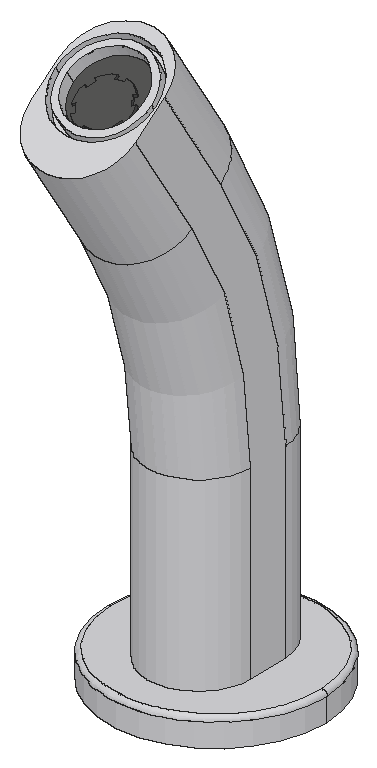
Revit family "Faucet_Touchless-Lavatory-KOHLER-Oblo-K-124B16", category Plumbing Fixtures, host Face, Revit 2017
Family settings
  Host = Face
  Round Connector Dimension = Use Diameter
  Part Type = Normal
  OmniClass Number = 23.31.11.00
  OmniClass Title = Faucets
  Cut with Voids When Loaded = No
  Shared = No
  Room Calculation Point = No
Parameters (values of type "CP-Polished Chrome")
  Width = 2 5/16"  # constant formula
  WaterSense Certified = 1 = 0  # no
  Waste Water Outlet = "Waste Water Outlet"  # constant formula
  Waste Connection = 1 = 0  # no
  Vent Connection = 1 = 0  # no
  URL = "https://www.us.kohler.com/us/"
  Tempered Water Inlet = "Tempered Water Inlet"  # constant formula
  Spout Reach = Length  # 6 1/8"
  Product Page URL = "http://www.us.kohler.com/us/catalog/productDetails.jsp?productNumber=124B16-SANA"
  Product Name = "Oblo"  # constant formula
  Product Documentation Link = "https://www.us.kohler.com/webassets/kpna/catalog/pdf/en/K-124B16-SANA_spec.pdf"
  Pressure = 60.00 psi  # constant formula
  Model = "K-124B16-SANA-CP"  # constant formula
  Material = "Brass Spout"  # constant formula
  MasterFormat 2004 = "22.41.39"  # constant formula
  MasterFormat 1995 = "15410"  # constant formula
  Manufacturer Address = "444 Highland Dr, Kohler, WI 53044"  # constant formula
  Manufacturer = "KOHLER Co."  # constant formula
  Length = 6 1/8"  # constant formula
  Hot Water Inlet = "Hot Water Inlet"  # constant formula
  Height = 2 5/16"  # constant formula
  HW Connection = 1 = 1  # yes
  Flow Rate = 0.5 GPM  # constant formula
  Finish = Kohler-Metal-CP-Polished_Chrome
  Environmental Product Declaration = ""
  Drain Included = 1 = 1  # yes
  Description = " Wall-mount touchless faucet with Kinesis sensor technology, DC-powered"  # constant formula
  Default Elevation = 36"
  Declare Label = ""
  Date Modified = "01/09/2020"  # constant formula
  Date Created = "01/09/2020"  # constant formula
  Copyright = "Copyright KOHLER Co."  # constant formula
  Contact Us = "https://www.us.kohler.com/us/static/contact.jsp"
  Cold Water Inlet = "Cold Water Inlet"  # constant formula
  CW Connection = 1 = 0  # no
  Assembly Code = "D2010"
  ADA Compliant = 1 = 1  # yes
Reference planes (in)
  plane 1 "Center (Front/Back)": y = 0
  plane 2: z = 0
  plane 3 "Center (Left/Right)": x = 0
  plane 4: x = -1.15625
  plane 5: y = 1.15625
  plane 6: x = 1.15625
  plane 7: y = -1.15625
  plane 8: y = -1.5625
  plane 9: z = 6.125
  plane 10: z = 0.29528
  plane 11: x = -0.55395
  plane 12: x = 0.54842
Dimensions and locks (in)
  "Width": plane 4 to plane 6
  "Height": plane 7 to plane 5
  "Length": plane 9 to plane 2
  plane 1 "Center (Front/Back)" to plane 8 = 1 9/16"
  aligned and locked: plane 2 to host face
  aligned and locked: level to host face
Automatic sketch dimensions
  host sketch curve to host sketch curve = 96"  (x2)
Nested families (in)
  nested 1: "K-124B16" at (0, 0, 0), type "K-124B16"
Connectors (in)
  piping at (0, 0, 0), diameter 0.375, driven by "Flow Rate", driven by "Pressure", driven by "HW Connection", driven by "Tempered Water Inlet"
    settings: on nested 1, index 1, connector inside diameter 24", connector length 0", flow factor 0, pipe flow 0.5 GPM, pressure drop 60.00 psi, fitting loss kfactor 0, connector angle 0.00°, fixture units 0, engagement length 0", angle of deflection 0.00°, flow configuration 1, flow direction 1, fitting loss method 4, system type 19, joint type 0, gender type 0, connector reference index -1, connector utility 1, adjustable connector no, is connector primary yes, connector description "Tempered Water Inlet"
Definition of nested family "K-124B16"
  Parameters (values of type "K-124B16")
    Material = none
  Reference planes (in)
    plane 1 "Center (Front/Back)": y = 0
    plane 2: z = 0
    plane 3 "Center (Left/Right)": x = 0
    plane 4: y = 1.15625
    plane 5: y = -1.15625
    plane 6: x = 1.15625
    plane 7: x = -1.15625
    plane 8: z = 6.125
    plane 9: y = -1.5625
  Forms (in)
    Sweep 1, solid, material <- "Material", detail levels medium+fine
      path origin (0, 0, 0) x (0, 1, 0) y (0, 0, 1)
        loop
          line (-0.77872, 0.29528) -> (-0.77872, 2.27834)
          arc (-0.77872, 2.27834) -> (-0.95217, 3.46828) -> (-1.4581, 4.55918) r 4.16835
          line (-1.4581, 4.55918) -> (-2.19355, 5.68419)
      profile origin (0, -0.77872, 1.28681) x (0, -1, 0) y (1, 0, 0)
        loop
          spline (-0.5473, -0.55395) -> (-0.40566, -0.53516) -> (-0.27367, -0.48008) -> (-0.16033, -0.39247) -> (-0.07337, -0.27829) -> (-0.01872, -0.14532) -> (-0.0001, -0.00264) -> (-0.01878, 0.14003) -> (-0.07349, 0.27297) -> (-0.1605, 0.38711) -> (-0.27388, 0.47467) -> (-0.40589, 0.52969) -> (-0.54754, 0.54842)
          line (-0.54754, 0.54842) -> (-1.00006, 0.54842)
          spline (-1.00006, 0.54842) -> (-1.14168, 0.52963) -> (-1.27365, 0.47457) -> (-1.38698, 0.38698) -> (-1.47394, 0.27282) -> (-1.52861, 0.13989) -> (-1.54725, -0.00277) -> (-1.52861, -0.14542) -> (-1.47394, -0.27836) -> (-1.38698, -0.39251) -> (-1.27365, -0.4801) -> (-1.14168, -0.53517) -> (-1.00006, -0.55395)
          line (-1.00006, -0.55395) -> (-0.5473, -0.55395)
    Sweep 2, solid, material <- "Material", detail levels medium+fine
      path origin (0, 0, 0) x (1, 0, 0) y (0, 1, 0)
        loop
          circle (0, 0) r 1.15625
      profile origin (0, 1.15625, 0) x (0, -1, 0) y (0, 0, 1)
        loop
          line (0, 0) -> (0.1084, 0) -> (0.1084, 0.29528) -> (0.05099, 0.29528)
          arc (0.05099, 0.29528) -> (0.01494, 0.28034) -> (0, 0.24428) r 0.05099
          line (0, 0.24428) -> (0, 0)
    Extrusion 3, solid, material <- "Material", detail levels medium+fine
      sketch origin (0, 0, 0) x (1, 0, 0) y (0, 1, 0)
        loop
          circle (0, 0) r 1.04785
      from 0 to 0.29528
    Extrusion 4, void
      sketch origin (0, -2.19355, 5.68419) x (1, 0, 0) y (0, 0.837014, 0.547181)
        loop
          circle (0.00141, 0.89531) r 0.52592
        loop
          circle (0.00141, 0.89531) r 0.47531
      from -0.14394 to 0.1984
    Extrusion 5, void
      sketch origin (0, -2.19355, 5.68419) x (1, 0, 0) y (0, 0.837014, 0.547181)
        loop
          circle (-0.00142, 0.89489) r 0.40439
      from -0.14394 to 0.32757
    Extrusion 6, solid, material <- "Material", detail levels coarse
      sketch origin (0, 0, 0) x (1, 0, 0) y (0, 1, 0)
        loop
          circle (0, 0) r 1.15625
      from 0 to 0.29528
    Sweep 7, solid, material <- "Material", detail levels coarse
      path origin (0, 0, 0) x (0, 1, 0) y (0, 0, 1)
        loop
          line (-0.77872, 0.29528) -> (-0.77872, 2.27834)
          arc (-0.77872, 2.27834) -> (-0.95217, 3.46828) -> (-1.4581, 4.55918) r 4.16835
          line (-1.4581, 4.55918) -> (-2.20601, 5.70325)
      profile origin (0, -0.77872, 1.28681) x (0, -1, 0) y (1, 0, 0)
        loop
          spline (-0.5473, -0.55395) -> (-0.40566, -0.53516) -> (-0.27367, -0.48008) -> (-0.16033, -0.39247) -> (-0.07337, -0.27829) -> (-0.01872, -0.14532) -> (-0.0001, -0.00264) -> (-0.01878, 0.14003) -> (-0.07349, 0.27297) -> (-0.1605, 0.38711) -> (-0.27388, 0.47467) -> (-0.40589, 0.52969) -> (-0.54754, 0.54842)
          line (-0.54754, 0.54842) -> (-1.00006, 0.54842)
          spline (-1.00006, 0.54842) -> (-1.14168, 0.52963) -> (-1.27365, 0.47457) -> (-1.38698, 0.38698) -> (-1.47394, 0.27282) -> (-1.52861, 0.13989) -> (-1.54725, -0.00277) -> (-1.52861, -0.14542) -> (-1.47394, -0.27836) -> (-1.38698, -0.39251) -> (-1.27365, -0.4801) -> (-1.14168, -0.53517) -> (-1.00006, -0.55395)
          line (-1.00006, -0.55395) -> (-0.5473, -0.55395)
    Extrusion 8, solid, material <- "Material", detail levels medium+fine
      sketch origin (0, 0, 0) x (1, 0, 0) y (0, 1, 0)
        loop
          circle (0, 0) r 0.08193
      from 0 to 0.01554
    Extrusion 9, solid, detail levels medium+fine
      sketch origin (0, -2.19355, 5.68419) x (1, 0, 0) y (0, 0.837014, 0.547181)
        loop
          line (-0.05429, 0.51563) -> (-0.05429, 0.55558) -> (0.0448, 0.55558) -> (0.0448, 0.51563)
          arc (0.0448, 0.51563) -> (0.1395, 0.55) -> (0.21662, 0.61484) r 0.2885
          line (0.21662, 0.61484) -> (0.18203, 0.63481) -> (0.23157, 0.72062) -> (0.26616, 0.70065)
          arc (0.26616, 0.70065) -> (0.28376, 0.79985) -> (0.26616, 0.89906) r 0.2885
          line (0.26616, 0.89906) -> (0.23157, 0.87909) -> (0.18203, 0.9649) -> (0.21662, 0.98487)
          arc (0.21662, 0.98487) -> (0.1395, 1.04971) -> (0.0448, 1.08407) r 0.2885
          line (0.0448, 1.08407) -> (0.0448, 1.04413) -> (-0.05429, 1.04413) -> (-0.05429, 1.08407)
          arc (-0.05429, 1.08407) -> (-0.149, 1.04971) -> (-0.22612, 0.98487) r 0.2885
          line (-0.22612, 0.98487) -> (-0.19153, 0.9649) -> (-0.24107, 0.87909) -> (-0.27566, 0.89906)
          arc (-0.27566, 0.89906) -> (-0.29325, 0.79985) -> (-0.27566, 0.70065) r 0.2885
          line (-0.27566, 0.70065) -> (-0.24107, 0.72062) -> (-0.19153, 0.63481) -> (-0.22612, 0.61484)
          arc (-0.22612, 0.61484) -> (-0.149, 0.55) -> (-0.05429, 0.51563) r 0.2885
      from -0.14394 to -0.11267
  Cuts and joins
    Extrusion 4, Extrusion 5 cuts Sweep 1
    joined: Sweep 1, Sweep 2, Extrusion 3
    joined: Extrusion 6, Sweep 7
  Lines and regions (in)
    Masking region 1
      outline origin (0, 0, 0) x (1, 0, 0) y (0, 1, 0)
        loop
          arc (1.15625, 0) -> (0, 1.15625) -> (-1.15625, 0) r 1.15625
          arc (-1.15625, 0) -> (-0.99434, -0.59009) -> (-0.55395, -1.01492) r 1.15625
          line (-0.55395, -1.01492) -> (-0.55395, -1.73545)
          spline (-0.55395, -1.73545) -> (-0.53516, -1.8572) -> (-0.48006, -1.97064) -> (-0.39242, -2.06805) -> (-0.27821, -2.14277) -> (-0.14522, -2.18972) -> (-0.00251, -2.2057) -> (0.14018, -2.18961) -> (0.27312, -2.14255) -> (0.38725, -2.06774) -> (0.47478, -1.97027) -> (0.52975, -1.85678) -> (0.54841, -1.73503)
          line (0.54841, -1.73503) -> (0.54841, -1.01792)
          arc (0.54841, -1.01792) -> (0.99273, -0.59279) -> (1.15625, 0) r 1.15625
    Masking region 2
      outline origin (0, 0, 0) x (1, 0, 0) y (0, 0, 1)
        loop
          line (-1.15625, 0) -> (1.15625, 0) -> (1.15625, 0.24372)
          arc (1.15625, 0.24372) -> (1.14115, 0.28018) -> (1.1047, 0.29528) r 0.05155
          line (1.1047, 0.29528) -> (0.54841, 0.29528) -> (0.54841, 6.23075)
          spline (0.54841, 6.23075) -> (0.52992, 6.30832) -> (0.47507, 6.38064) -> (0.38761, 6.44278) -> (0.27352, 6.49049) -> (0.14057, 6.52052) -> (-0.00217, 6.53082) -> (-0.14494, 6.52069) -> (-0.27801, 6.49082) -> (-0.3923, 6.44324) -> (-0.48, 6.38121) -> (-0.53514, 6.30895) -> (-0.55395, 6.23141)
          line (-0.55395, 6.23141) -> (-0.55395, 0.29528) -> (-1.10732, 0.29528)
          arc (-1.10732, 0.29528) -> (-1.14192, 0.28094) -> (-1.15625, 0.24634) r 0.04893
          line (-1.15625, 0.24634) -> (-1.15625, 0)
    Masking region 3
      outline origin (0, 0, 0) x (0, 1, 0) y (0, 0, 1)
        loop
          line (1.15625, 0) -> (1.15625, 0.24462)
          arc (1.15625, 0.24462) -> (1.14141, 0.28044) -> (1.1056, 0.29528) r 0.05065
          line (1.1056, 0.29528) -> (0.77914, 0.29528) -> (0.77914, 2.23348)
          arc (0.77914, 2.23348) -> (0.5373, 3.89256) -> (-0.16809, 5.41355) r 5.81173
          line (-0.16809, 5.41355) -> (-0.91134, 6.5505) -> (-2.20633, 5.70393) -> (-1.47183, 4.58038)
          arc (-1.47183, 4.58038) -> (-0.956, 3.46811) -> (-0.77914, 2.25486) r 4.25
          line (-0.77914, 2.25486) -> (-0.77914, 0.29528) -> (-1.10673, 0.29528)
          arc (-1.10673, 0.29528) -> (-1.14175, 0.28077) -> (-1.15625, 0.24576) r 0.04952
          line (-1.15625, 0.24576) -> (-1.15625, 0) -> (1.15625, 0)
    symbolic lines, detail levels medium+fine
      curve 1: spline (-0.55395, 0.22134, 0) -> (-0.53517, 0.36297, 0) -> (-0.4801, 0.49494, 0) -> (-0.39251, 0.60827, 0) -> (-0.27836, 0.69523, 0) -> (-0.14542, 0.74989, 0) -> (-0.00277, 0.76854, 0) -> (0.13989, 0.74989, 0) -> (0.27282, 0.69523, 0) -> (0.38698, 0.60827, 0) -> (0.47457, 0.49494, 0) -> (0.52963, 0.36297, 0) -> (0.54842, 0.22134, 0)
      curve 2: line (-0.55395, 0.22134, 0) -> (-0.55395, -1.01492, 0)
      curve 3: line (0.54842, 0.22134, 0) -> (0.54842, -1.01492, 0)
      curve 4: spline (0.52446, -1.49004, 0) -> (0.50289, -1.57679, 0) -> (0.46099, -1.65817, 0) -> (0.40048, -1.73088, 0) -> (0.32379, -1.79196, 0) -> (0.23403, -1.83896, 0) -> (0.13486, -1.86996, 0) -> (0.03027, -1.8837, 0) -> (-0.07549, -1.87963, 0) -> (-0.17812, -1.85792, 0) -> (-0.27349, -1.81944, 0) -> (-0.35771, -1.76575, 0) -> (-0.42739, -1.69904, 0)
      curve 5: spline (-0.42739, -1.69904, 0) -> (-0.50171, -1.57237, 0) -> (-0.52433, -1.43253, 0) -> (-0.49292, -1.29389, 0) -> (-0.41071, -1.17069, 0) -> (-0.28615, -1.07559, 0) -> (-0.13204, -1.01837, 0) -> (0.03579, -1.0049, 0) -> (0.20008, -1.03658, 0) -> (0.34395, -1.11014, 0) -> (0.45263, -1.21802, 0) -> (0.51493, -1.34915, 0) -> (0.52446, -1.49004, 0)
      curve 6: spline (0.37541, -1.68969, 0) -> (0.45739, -1.55647, 0) -> (0.47468, -1.40732, 0) -> (0.42482, -1.26339, 0) -> (0.31489, -1.14511, 0) -> (0.16048, -1.06926, 0) -> (-0.01649, -1.0466, 0) -> (-0.19093, -1.08035, 0) -> (-0.33808, -1.16571, 0) -> (-0.43706, -1.29058, 0) -> (-0.47383, -1.43724, 0) -> (-0.44318, -1.58488, 0) -> (-0.34944, -1.71256, 0)
      curve 7: spline (-0.34944, -1.71256, 0) -> (-0.29955, -1.75209, 0) -> (-0.24337, -1.78519, 0) -> (-0.18208, -1.81117, 0) -> (-0.11695, -1.82947, 0) -> (-0.04935, -1.83973, 0) -> (0.01931, -1.84172, 0) -> (0.0876, -1.83541, 0) -> (0.15409, -1.82092, 0) -> (0.21738, -1.79856, 0) -> (0.27617, -1.7688, 0) -> (0.32921, -1.73226, 0) -> (0.37541, -1.68969, 0)
      curve 8: spline (0.40297, -1.44451, 0) -> (0.38919, -1.53212, 0) -> (0.34879, -1.61375, 0) -> (0.28453, -1.68385, 0) -> (0.20078, -1.73764, 0) -> (0.10324, -1.77146, 0) -> (-0.00142, -1.78299, 0) -> (-0.10608, -1.77146, 0) -> (-0.20361, -1.73764, 0) -> (-0.28737, -1.68385, 0) -> (-0.35163, -1.61375, 0) -> (-0.39203, -1.53212, 0) -> (-0.40581, -1.44451, 0)
      curve 9: spline (-0.40581, -1.44451, 0) -> (-0.39203, -1.35691, 0) -> (-0.35163, -1.27527, 0) -> (-0.28737, -1.20517, 0) -> (-0.20361, -1.15138, 0) -> (-0.10608, -1.11757, 0) -> (-0.00142, -1.10603, 0) -> (0.10324, -1.11757, 0) -> (0.20078, -1.15138, 0) -> (0.28453, -1.20517, 0) -> (0.34879, -1.27527, 0) -> (0.38919, -1.35691, 0) -> (0.40297, -1.44451, 0)
      curve 10: spline (-0.55382, -1.35649, 0) -> (-0.53189, -1.23697, 0) -> (-0.4748, -1.12603, 0) -> (-0.38635, -1.03104, 0) -> (-0.27242, -0.9583, 0) -> (-0.14057, -0.91265, 0) -> (0.00043, -0.89712, 0) -> (0.14123, -0.91274, 0) -> (0.27245, -0.95848, 0) -> (0.38539, -1.0313, 0) -> (0.47254, -1.12636, 0) -> (0.52811, -1.23734, 0) -> (0.54841, -1.35687, 0)
      curve 11: line (0.54842, 0, 0.29528) -> (-0.55395, 0, 0.29528)
      curve 12: line (0, 0.77914, 0.29528) -> (0, -0.77914, 0.29528)
      curve 13: spline (-0.22518, -1.63415, 0) -> (-0.21398, -1.64472, 0) -> (-0.20207, -1.65472, 0) -> (-0.18947, -1.66413, 0) -> (-0.17624, -1.6729, 0) -> (-0.16242, -1.681, 0) -> (-0.14806, -1.68842, 0) -> (-0.1332, -1.69512, 0) -> (-0.11791, -1.70109, 0) -> (-0.10222, -1.70629, 0) -> (-0.08619, -1.71072, 0) -> (-0.06988, -1.71436, 0) -> (-0.05335, -1.71719, 0)
      curve 14: line (-0.19059, -1.61744, 0) -> (-0.22518, -1.63415, 0)
      curve 15: line (-0.24013, -1.54561, 0) -> (-0.19059, -1.61744, 0)
      curve 16: line (-0.27472, -1.56233, 0) -> (-0.24013, -1.54561, 0)
      curve 17: spline (-0.27472, -1.39626, 0) -> (-0.28006, -1.40966, 0) -> (-0.28445, -1.4233, 0) -> (-0.28788, -1.43713, 0) -> (-0.29034, -1.4511, 0) -> (-0.29182, -1.46517, 0) -> (-0.29231, -1.47929, 0) -> (-0.29182, -1.49341, 0) -> (-0.29034, -1.50748, 0) -> (-0.28788, -1.52146, 0) -> (-0.28445, -1.53529, 0) -> (-0.28006, -1.54893, 0) -> (-0.27472, -1.56233, 0)
      curve 18: line (-0.24013, -1.41297, 0) -> (-0.27472, -1.39626, 0)
      curve 19: line (-0.19059, -1.34115, 0) -> (-0.24013, -1.41297, 0)
      curve 20: line (-0.05335, -1.71719, 0) -> (-0.05335, -1.68376, 0)
      curve 21: line (-0.05335, -1.68376, 0) -> (0.04574, -1.68376, 0)
      curve 22: line (0.04574, -1.68376, 0) -> (0.04574, -1.71719, 0)
      curve 23: spline (0.04574, -1.71719, 0) -> (0.06227, -1.71436, 0) -> (0.07858, -1.71072, 0) -> (0.0946, -1.70629, 0) -> (0.11029, -1.70109, 0) -> (0.12559, -1.69512, 0) -> (0.14044, -1.68842, 0) -> (0.15481, -1.681, 0) -> (0.16863, -1.6729, 0) -> (0.18186, -1.66413, 0) -> (0.19445, -1.65472, 0) -> (0.20636, -1.64472, 0) -> (0.21756, -1.63415, 0)
      curve 24: line (0.21756, -1.63415, 0) -> (0.18297, -1.61744, 0)
      curve 25: line (0.18297, -1.61744, 0) -> (0.23251, -1.54561, 0)
      curve 26: line (0.23251, -1.54561, 0) -> (0.2671, -1.56233, 0)
      curve 27: spline (0.2671, -1.56233, 0) -> (0.27244, -1.54893, 0) -> (0.27683, -1.53529, 0) -> (0.28026, -1.52146, 0) -> (0.28272, -1.50748, 0) -> (0.2842, -1.49341, 0) -> (0.2847, -1.47929, 0) -> (0.2842, -1.46517, 0) -> (0.28272, -1.4511, 0) -> (0.28026, -1.43713, 0) -> (0.27683, -1.4233, 0) -> (0.27244, -1.40966, 0) -> (0.2671, -1.39626, 0)
      curve 28: line (0.2671, -1.39626, 0) -> (0.23251, -1.41297, 0)
      curve 29: line (0.23251, -1.41297, 0) -> (0.18297, -1.34115, 0)
      curve 30: line (0.18297, -1.34115, 0) -> (0.21756, -1.32443, 0)
      curve 31: spline (0.21756, -1.32443, 0) -> (0.20636, -1.31386, 0) -> (0.19445, -1.30386, 0) -> (0.18186, -1.29446, 0) -> (0.16863, -1.28569, 0) -> (0.15481, -1.27758, 0) -> (0.14044, -1.27016, 0) -> (0.12559, -1.26346, 0) -> (0.11029, -1.2575, 0) -> (0.0946, -1.25229, 0) -> (0.07858, -1.24786, 0) -> (0.06227, -1.24423, 0) -> (0.04574, -1.2414, 0)
      curve 32: line (0.04574, -1.2414, 0) -> (0.04574, -1.27483, 0)
      curve 33: line (0.04574, -1.27483, 0) -> (-0.05335, -1.27483, 0)
      curve 34: line (-0.05335, -1.27483, 0) -> (-0.05335, -1.2414, 0)
      curve 35: spline (-0.05335, -1.2414, 0) -> (-0.06988, -1.24423, 0) -> (-0.08619, -1.24786, 0) -> (-0.10222, -1.25229, 0) -> (-0.11791, -1.2575, 0) -> (-0.1332, -1.26346, 0) -> (-0.14806, -1.27016, 0) -> (-0.16242, -1.27758, 0) -> (-0.17624, -1.28569, 0) -> (-0.18947, -1.29446, 0) -> (-0.20207, -1.30386, 0) -> (-0.21398, -1.31386, 0) -> (-0.22518, -1.32443, 0)
      curve 36: line (-0.22518, -1.32443, 0) -> (-0.19059, -1.34115, 0)
  Dimensions and locks (in)
    plane 8 to plane 2 = 6 1/8"
    plane 1 "Center (Front/Back)" to plane 9 = 1 9/16"
    aligned and locked: plane 2 to level
